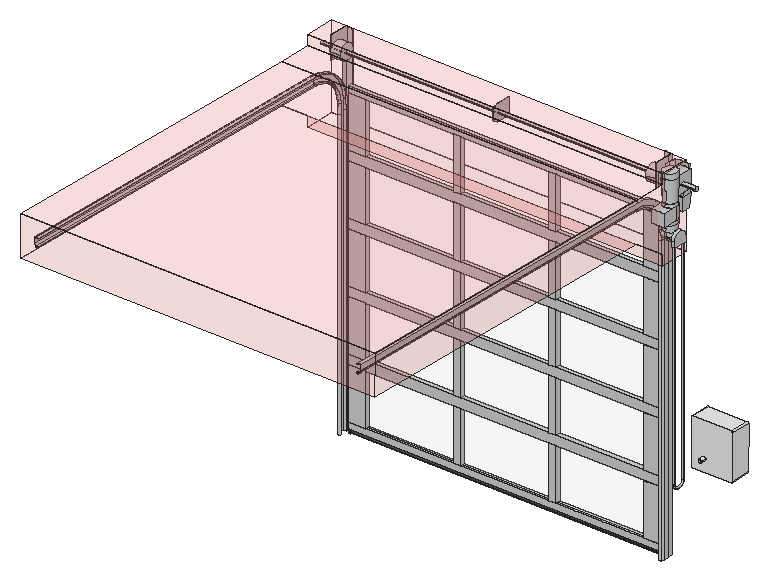
Revit family "EverServe-Aluminum-Glass-Door_OHD_Model-521s_compact", category Specialty Equipment, host Wall, Revit 2023
Family settings
  Host = Wall
  Round Connector Dimension = Use Diameter
  Part Type = Normal
  OmniClass Number = 23.30.10.21.34
  OmniClass Title = Industrial Doors
  Enable Cutting in Views = No
  Always vertical = Yes
  Cut with Voids When Loaded = No
  Maintain Annotation Orientation = No
  Shared = No
  Room Calculation Point = No
Parameters (values of type "208 volts, single phase, 60 Hz (190-207V range)")
  Version = "1.00.01"  # constant formula
  Standard Number of Windows [instance] = yes
  Standard Number of Sections [instance] = yes
  Rough Width [instance] = 10' - 0"
  Rough Height [instance] = 10' - 0"
  Pitch Angle [instance] = atan(Pitch)  # 1.19347°
  Pitch [instance] = 0.020833
  Opening Width [instance] = if(Overlapping Door, if(Rough Width < Min Door Width - 0' 2", Min Door Width - 0' 2", if(Rough Width > Max Door Width - 0' 2", Max Door Width - 0' 2", Rough Width)), if(Rough Width < Min Door Width, Min Door Width, if(Rough Width > Max Door Width, Max Door Width, Rough Width)))  # 10' - 0"
  Opening Height [instance] = if(Overlapping Door, if(Rough Height < Min Door Height - 0' 1", Min Door Height - 0' 1", if(Rough Height > Max Door Height - 0' 1", Max Door Height - 0' 1", Rough Height)), if(Rough Height < Min Door Height, Min Door Height, if(Rough Height > Max Door Height, Max Door Height, Rough Height)))  # 10' - 0"
  Min Headroom (High Lift Option) [instance] = 2' - 7"  # constant formula
  Max Headroom (High Lift Option) [instance] = 14' - 9"  # constant formula
  Lift Option [instance] = Lifts : Standard
  High Lift Headroom Desired [instance] = 3' - 0"
  High Lift Amount [instance] = if(Headroom Height - 1' 1" > Opening Height - 1' 3", if(Opening Height - 1' 3" < [Min Headroom (High Lift Option)] - 1' 1", [Min Headroom (High Lift Option)] - 1' 1", if(Opening Height - 1' 3" > [Max Headroom (High Lift Option)] - 1' 1", [Max Headroom (High Lift Option)] - 1' 1", Opening Height - 1' 3")), if(Headroom Height - 1' 1" < [Min Headroom (High Lift Option)] - 1' 1", [Min Headroom (High Lift Option)] - 1' 1", if(Headroom Height - 1' 1" > [Max Headroom (High Lift Option)] - 1' 1", [Max Headroom (High Lift Option)] - 1' 1", Headroom Height - 1' 1")))  # 1' - 6"
  Headroom Note (High Lift Option) [instance] = "Headroom Height can not exceed Opening Height - 2 inch"  # constant formula
  Glazing Note [instance] = "Select an integer 1-15 to set panel thickness and specify glass type. Remember to select corresponding 'Glass Material' from the 'Materials and Finishes' section to visually show glazing appearance."  # constant formula
  Glass Bottom Section [instance] = not(Aluminum Bottom Section)  # yes
  Voltage = 208 V
  Vertical [instance] = if(Lift Option = Lift Option Vertical, 1 < 2, 1 > 2)  # no
  URL = "https://www.overheaddoor.com/"
  Top Rail (Width) [instance] = if(Oversized Top Rail, 0' 3 3/4", 0' 2 3/8")  # 0' - 2 3/8"
  Thickness [instance] = 0' - 1 3/4"  # constant formula
  Standard [instance] = if(Lift Option = Lift Option Standard, 1 < 2, 1 > 2)  # yes
  Window Width [instance] = (Door Width - [End Stile (Width)] * 2 - [Center Stile (Width)] * Amount of Center Stiles) / Array of Panels Side To Side  # 2' - 10.39604"
  Section Height [instance] = (Door Height - [Top Rail (Width)] - [Bottom Rail (Width)] - 0' 3 23/32" * Intermidiate Stiles Up and Down) / Array of Panels Up and Down  # 1' - 8"
  Product data url = ""
  Product Guid = ""
  Power Factor = 1
  Pitch (Real) [instance] = if(Lift Option = Lift Option Vertical, 0.00°, if(Pitch Angle < Min Pitch, Min Pitch, if(Pitch Angle > Max Pitch, Max Pitch, Pitch Angle)))  # 1.19347°
  Oversized Top Rail [instance] = no
  Oversized Bottom Rail [instance] = no
  Overlapping Door [instance] = yes
  Number of Windows (Real) [instance] = if(Desired Number of Windows < Min Window Quantities, Min Window Quantities, if(Desired Number of Windows > Max Window Quantities, Max Window Quantities, Desired Number of Windows))  # 4
  Number of Sections (Real) [instance] = if(Desired Number of Sections < Min Number of Sections, Min Number of Sections, if(Desired Number of Sections > Max Number of Sections, Max Number of Sections, Desired Number of Sections))  # 5
  Number of Poles = 1
  Model = "521S"  # constant formula
  Min Window Quantities [instance] = roundup((((-2 * [End Stile (Width)]) + Door Width - 4' 0 1/8") / ([Center Stile (Width)] + 4' 0 1/8")) + 1)  # 3
  Min Pitch [instance] = 0.00°  # constant formula
  Min Number of Sections [instance] = if(Vertical, if(roundup(Door Height / 3' 2") < 2, 2, roundup(Door Height / 3' 2")), if(roundup(Door Height / 2' 4") < 2, 2, roundup(Door Height / 2' 4")))  # 5
  Min Door Width [instance] = 3' - 0"  # constant formula
  Min Door Height [instance] = 3' - 0"  # constant formula
  Max Window Quantities [instance] = rounddown((((-2 * [End Stile (Width)]) + Door Width - 1' 0 1/8") / ([Center Stile (Width)] + 1' 0 1/8")) + 1)  # 7
  Max Pitch [instance] = 45.00°  # constant formula
  Max Number of Sections [instance] = rounddown(((Door Height - 1' 3") / 1' 0") + 1)  # 9
  Max Door Width [instance] = 20' - 2"  # constant formula
  Max Door Height [instance] = 18' - 1"  # constant formula
  Manufacturer = "Overhead Door Corporation"  # constant formula
  Lift Option Vertical [instance] = Lifts : Vertical
  Lift Option Standard [instance] = Lifts : Standard
  Lift Option High [instance] = Lifts : High Lift
  Intermidiate Stiles Up and Down (Real) [instance] = if(Intermidiate Stiles Up and Down < 2, 2, Intermidiate Stiles Up and Down)  # 4
  Intermidiate Stiles Up and Down [instance] = Array of Panels Up and Down - 1  # 4
  High [instance] = if(Lift Option = Lift Option High, 1 < 2, 1 > 2)  # no
  Headroom Height [instance] = if(High, if(Opening Height - 0' 2" < High Lift Headroom Desired, if(Opening Height - 0' 2" < [Min Headroom (High Lift Option)], [Min Headroom (High Lift Option)], if(Opening Height - 0' 2" > [Max Headroom (High Lift Option)], [Max Headroom (High Lift Option)], Opening Height - 0' 2")), if(High Lift Headroom Desired < [Min Headroom (High Lift Option)], [Min Headroom (High Lift Option)], if(High Lift Headroom Desired > [Max Headroom (High Lift Option)], [Max Headroom (High Lift Option)], High Lift Headroom Desired))), if(Vertical, Opening Height + 1' 1", 1' 8 1/4"))  # 1' - 8 1/4"
  Glazing Type [instance] = if(Glazing Option < 1, "1/8 DSB", if(Glazing Option = 1, "1/8 DSB", if(Glazing Option = 2, "1/8 Acrylic", if(Glazing Option = 3, "1/4 Acrylic", if(Glazing Option = 4, "1/8 Tempered", if(Glazing Option = 5, "1/4 Tempered", if(Glazing Option = 6, "1/8 Clear Polycarbonate", if(Glazing Option = 7, "1/4 Clear Polycarbonate", if(Glazing Option = 8, "1/4 Twin-Wall Polycarbonate", if(Glazing Option = 9, "3/8 Twin-Wall Polycarbonate", if(Glazing Option = 10, "5/8 Triple-Wall Polycarbonate", if(Glazing Option = 11, "1/4 Twin-Wall, Triple-Wall Polycarbonate", if(Glazing Option = 12, "3/4 Twin-Wall, Triple-Wall Polycarbonate", if(Glazing Option = 13, "5/8 Twin-Wall, Triple-Wall Polycarbonate", if(Glazing Option = 14, "1/4 Wire Glass", if(Glazing Option = 15, "1/2 Insulated Glass", "1/2 Insulated Glass"))))))))))))))))  # "1/8 DSB"
  Glazing Option [instance] = 1
  Glass Thickness [instance] = if(Glazing Option < 1, 0' 0 1/8", if(Glazing Option = 1, 0' 0 1/8", if(Glazing Option = 2, 0' 0 1/8", if(Glazing Option = 3, 0' 0 1/4", if(Glazing Option = 4, 0' 0 1/8", if(Glazing Option = 5, 0' 0 1/4", if(Glazing Option = 6, 0' 0 1/8", if(Glazing Option = 7, 0' 0 1/4", if(Glazing Option = 8, 0' 0 1/4", if(Glazing Option = 9, 0' 0 3/8", if(Glazing Option = 10, 0' 0 5/8", if(Glazing Option = 11, 0' 0 1/4", if(Glazing Option = 12, 0' 0 3/4", if(Glazing Option = 13, 0' 0 5/8", if(Glazing Option = 14, 0' 0 1/4", if(Glazing Option = 15, 0' 0 1/2", 0' 0 1/2"))))))))))))))))  # 0' - 0 1/8"
  Glass Material [instance] = Glass - Overhead Door - DSB
  Frequency = 60 Hz  # constant formula
  Wall Closure = By host
  Floor To (CL) of Shaft [instance] = if(High, Opening Height + High Lift Amount + 0' 6 5/8", if(Standard, Opening Height + 1' 2 5/8", 2 * Opening Height + 0' 0 3/8"))  # 11' - 2 5/8"
  Finish Material [instance] = Metal - Overhead Door - Clear
  End Stile (Width) = 0' - 6.695"  # constant formula
  Door Width [instance] = if(if(Overlapping Door, Rough Width + 0' 2", Rough Width) < Min Door Width, Min Door Width, if(if(Overlapping Door, Rough Width + 0' 2", Rough Width) > Max Door Width, Max Door Width, if(Overlapping Door, Rough Width + 0' 2", Rough Width)))  # 10' - 2"
  Door Height [instance] = if(if(Overlapping Door, Rough Height + 0' 1", Rough Height) < Min Door Height, Min Door Height, if(if(Overlapping Door, Rough Height + 0' 1", Rough Height) > Max Door Height, Max Door Height, if(Overlapping Door, Rough Height + 0' 1", Rough Height)))  # 10' - 1"
  Desired Number of Windows [instance] = 4
  Desired Number of Sections [instance] = 4
  Description = "EverServe Aluminum Glass Door model 521s is a sectional aluminum door a​ppropriate for environments where maximum light infiltration and/or visual access is required. Designed to fit openings up to 20-2 (6147 mm) wide and 18-1 (5512 mm) high, the Model 521 features a wide, 2-11/16 (68 mm) center stile, 3-3/4 (95 mm) or 4-1/2 (114 mm) bottom rail, based on door size."  # constant formula
  Default Elevation = 0' - 0"
  Date Updated = "2026/05/29"  # constant formula
  Custom Number of Windows [instance] = not(Standard Number of Windows)  # no
  Custom Number of Sections [instance] = not(Standard Number of Sections)  # no
  Current = 20 A
  Clearance [instance] = yes
  Central Stiles [instance] = if(Amount of Center Stiles < 2, 1 > 2, 1 < 2)  # yes
  Center Stile (Width) = 0' - 2 91/128"  # constant formula
  Center Stile (One) [instance] = if(Amount of Center Stiles = 1, 2 > 1, 2 < 1)  # no
  Bottom Rail (Width) [instance] = if(Oversized Bottom Rail, 0' 4 1/2", 0' 3 3/4")  # 0' - 3 3/4"
  BimObject_Variable_Connectors = "No"  # constant formula
  Backroom Depth [instance] = if(Vertical, 1' 6", if(High, Opening Height - High Lift Amount + 2' 8", Opening Height + 2' 8"))  # 12' - 8"
  Aluminum Bottom Section [instance] = no
  Array of Panels Up and Down [instance] = if(Standard Number of Sections, if(Door Height < 4' 2 1/256", 2, if(Door Height < 6' 2 1/256", 3, if(Door Height < 8' 7 1/256", 4, if(Door Height < 10' 2 1/256", 5, if(Door Height < 12' 2 1/256", 6, if(Door Height < 14' 2 1/256", 7, if(Door Height < 16' 2 1/256", 8, if(Door Height < 18' 2 1/256", 9, 10)))))))), if(Door Height < 4' 2 1/256", [Number of Sections (Real)], if(Door Height < 6' 2 1/256", [Number of Sections (Real)], if(Door Height < 8' 7 1/256", [Number of Sections (Real)], if(Door Height < 10' 2 1/256", [Number of Sections (Real)], if(Door Height < 12' 2 1/256", [Number of Sections (Real)], if(Door Height < 14' 2 1/256", [Number of Sections (Real)], if(Door Height < 16' 2 1/256", [Number of Sections (Real)], if(Door Height < 18' 2 1/256", [Number of Sections (Real)], [Number of Sections (Real)])))))))))  # 5
  Array of Panels Side To Side [instance] = if(Standard Number of Windows, if(Door Width < 3' 4 1/256", 1, if(Door Width < 8' 2 1/256", 2, if(Door Width < 12' 2 1/256", 3, if(Door Width < 16' 2 1/256", 4, if(Door Width < 19' 2 1/256", 5, if(Door Width < 20' 2 1/256", 6, 6)))))), if(Door Width < 3' 4 1/256", [Number of Windows (Real)], if(Door Width < 8' 2 1/256", [Number of Windows (Real)], if(Door Width < 12' 2 1/256", [Number of Windows (Real)], if(Door Width < 16' 2 1/256", [Number of Windows (Real)], if(Door Width < 19' 2 1/256", [Number of Windows (Real)], if(Door Width < 20' 2 1/256", [Number of Windows (Real)], [Number of Windows (Real)])))))))  # 3
  Array Length [instance] = Door Height - [Top Rail (Width)] - [Bottom Rail (Width)]  # 9' - 6 7/8"
  Apparent Load = if(Number of Poles = 1, Voltage * Current, sqrt(3) * Voltage * Current)  # 4160 VA
  Amount of Center Stiles [instance] = Array of Panels Side To Side - 1  # 2
  Amount of Center Stiles (Real) [instance] = if(Amount of Center Stiles < 2, 2, Amount of Center Stiles)  # 2
  Actual Number of Windows [instance] = if(Array of Panels Side To Side < 2, 2, Array of Panels Side To Side)  # 3
  Actual Number of Sections [instance] = if(Array of Panels Up and Down < 2, 2, Array of Panels Up and Down)  # 5
Reference planes (in)
  plane 1 "Center (Front/Back)": y = 0
  plane 2 "Center (Left/Right)": x = 0
  plane 3 "Left": x = -61
  plane 4 "Right": x = 61
  plane 5 "Top": z = 121
  plane 6 "Exterior": y = 3
  plane 7 "Interior": y = -3
  plane 8: x = 60
  plane 9: x = -60
  plane 10: z = 120
  plane 11: z = 140.25
  plane 12 "Main": y = -4.44
  plane 13: y = -155
  plane 14: x = -54.305
  plane 15: x = 54.305
  plane 16: x = -19.90896
  plane 17: x = -17.19802
  plane 18: x = 17.19802
  plane 19 "Bottom Rail": z = 3.75
  plane 20: z = 118.625
  plane 21 "Main Door Block": y = -3.25
  plane 22: z = 23.75
  plane 23: z = 47.47
  plane 24: z = 27.47
Forms (in)
  Extrusion 1, solid, material "Metal - Overhead Door - Clear" <- "Finish Material"
    sketch origin (1, -3.25, 0.2) x (0, 0, -1) y (-1, 0, 0)
      loop
        line (-3.55, 62) -> (-23.55, 62) -> (-23.55, 55.305) -> (-3.55, 55.305) -> (-3.55, 62)
      loop
        line (-3.55, -60) -> (-3.55, -53.305) -> (-23.55, -53.305) -> (-23.55, -60) -> (-3.55, -60)
    from 0 to -1.75391
  Extrusion 2, solid, material "Metal - Overhead Door - Clear" <- "Finish Material"
    sketch origin (61, 0, 4.97917) x (0, -1, 0) y (0, 0, 1)
      loop
        line (3.25, 18.77083) -> (5.00391, 18.77083) -> (5.00391, 22.49083) -> (3.25, 22.49083) -> (3.25, 18.77083)
    from 0 to 122 <- "Door Width"
  Extrusion 3, solid, material "Metal - Overhead Door - Clear" <- "Finish Material"
    sketch origin (61, 0, 28.69917) x (0, -1, 0) y (0, 0, 1)
      loop
        line (3.25, 18.77083) -> (5.00391, 18.77083) -> (5.00391, 22.49083) -> (3.25, 22.49083) -> (3.25, 18.77083)
    from 0 to 122 <- "Door Width"
  Extrusion 4, solid, material "Metal - Overhead Door - Clear" <- "Finish Material"
    sketch origin (0, 0, 0) x (0, 1, 0) y (0, 0, 1)
      loop
        line (-5.00391, 3.75) -> (-5.00391, 1.23448) -> (-3.25, 1.23448) -> (-3.25, 3.75) -> (-5.00391, 3.75)
      loop
        line (-3.25, 118.625) -> (-3.25, 121) -> (-5.00391, 121) -> (-5.00391, 118.625) -> (-3.25, 118.625)
    from -61 to 61
  Extrusion 5, solid, material "Plastic - Overhead Door - Nylon"
    sketch origin (0, 0, 0) x (0, 1, 0) y (0, 0, 1)
      loop
        line (-4.82895, 1.23448) -> (-4.87848, 0.25173) -> (-4.62675, 0) -> (-3.62716, 0) -> (-3.37543, 0.25173) -> (-3.42495, 1.23448) -> (-4.82895, 1.23448)
    from -61 to 61
  Extrusion 6, solid, material "Plastic - Overhead Door - Nylon"
    sketch origin (0, -3.25, 0) x (0, 0, -1) y (-1, 0, 0)
      loop
        line (0, -61) -> (0, -60) -> (-1.23448, -60) -> (-1.23448, -61) -> (0, -61)
      loop
        line (0, 61) -> (-1.23448, 61) -> (-1.23448, 60) -> (0, 60) -> (0, 61)
    from 0 to -1.75391
  Extrusion 7, solid, material "Glass - Overhead Door - DSB" <- "Glass Material"
    sketch origin (0, 0, 0) x (0, 1, 0) y (0, 0, 1)
      loop
        line (-4.44, 23.75) -> (-4.315, 23.75) -> (-4.315, 118.625) -> (-4.44, 118.625) -> (-4.44, 23.75)
    from -60 to 60
  Extrusion 8, solid, material "Metal - Overhead Door - Clear" <- "Finish Material"
    sketch origin (1, -3.25, 23.92) x (0, 0, -1) y (-1, 0, 0)
      loop
        line (-3.55, 62) -> (-23.55, 62) -> (-23.55, 55.305) -> (-3.55, 55.305) -> (-3.55, 62)
      loop
        line (-3.55, -60) -> (-3.55, -53.305) -> (-23.55, -53.305) -> (-23.55, -60) -> (-3.55, -60)
    from 0 to -1.75391
  Extrusion 9, solid, material "Glass - Overhead Door - DSB" <- "Glass Material", visible <- "Glass Bottom Section"
    sketch origin (0, 0, 0) x (0, 1, 0) y (0, 0, 1)
      loop
        line (-4.44, 3.75) -> (-4.315, 3.75) -> (-4.315, 23.75) -> (-4.44, 23.75) -> (-4.44, 3.75)
    from -60 to 60
  Extrusion 10, solid, material "Metal - Overhead Door - Clear" <- "Finish Material", visible <- "Aluminum Bottom Section"
    sketch origin (0, 0, 0) x (0, 1, 0) y (0, 0, 1)
      loop
        line (-4.44, 3.75) -> (-4.315, 3.75) -> (-4.315, 23.75) -> (-4.44, 23.75) -> (-4.44, 3.75)
    from -60 to 60
  Extrusion 11, solid, material "Metal - Overhead Door - Clear" <- "Finish Material"
    sketch origin (61, 0, 52.41917) x (0, -1, 0) y (0, 0, 1)
      loop
        line (3.25, 18.77083) -> (5.00391, 18.77083) -> (5.00391, 22.49083) -> (3.25, 22.49083) -> (3.25, 18.77083)
    from 0 to 122 <- "Door Width"
  Extrusion 12, solid, material "Metal - Overhead Door - Clear" <- "Finish Material"
    sketch origin (61, 0, 76.13917) x (0, -1, 0) y (0, 0, 1)
      loop
        line (3.25, 18.77083) -> (5.00391, 18.77083) -> (5.00391, 22.49083) -> (3.25, 22.49083) -> (3.25, 18.77083)
    from 0 to 122 <- "Door Width"
  Extrusion 13, solid, material "Metal - Overhead Door - Clear" <- "Finish Material"
    sketch origin (1, -3.25, 47.64) x (0, 0, -1) y (-1, 0, 0)
      loop
        line (-3.55, 62) -> (-23.55, 62) -> (-23.55, 55.305) -> (-3.55, 55.305) -> (-3.55, 62)
      loop
        line (-3.55, -60) -> (-3.55, -53.305) -> (-23.55, -53.305) -> (-23.55, -60) -> (-3.55, -60)
    from 0 to -1.75391
  Extrusion 14, solid, material "Metal - Overhead Door - Clear" <- "Finish Material"
    sketch origin (1, -3.25, 71.36) x (0, 0, -1) y (-1, 0, 0)
      loop
        line (-3.55, 62) -> (-23.55, 62) -> (-23.55, 55.305) -> (-3.55, 55.305) -> (-3.55, 62)
      loop
        line (-3.55, -60) -> (-3.55, -53.305) -> (-23.55, -53.305) -> (-23.55, -60) -> (-3.55, -60)
    from 0 to -1.75391
  Extrusion 15, solid, material "Metal - Overhead Door - Clear" <- "Finish Material"
    sketch origin (1, -3.25, 95.08) x (0, 0, -1) y (-1, 0, 0)
      loop
        line (-3.55, 62) -> (-23.55, 62) -> (-23.55, 55.305) -> (-3.55, 55.305) -> (-3.55, 62)
      loop
        line (-3.55, -60) -> (-3.55, -53.305) -> (-23.55, -53.305) -> (-23.55, -60) -> (-3.55, -60)
    from 0 to -1.75391
Lines and regions (in)
  Opening 1
    outline origin (-90, -3, 0) x (1, 0, 0) y (0, 0, 1)
      loop
        line (30, 0) -> (150, 0) -> (150, 120) -> (30, 120) -> (30, 0)
  Masking region 1
    outline origin (0, 0, 121) x (0, -1, 0) y (1, 0, 0)
      loop
        line (3.25, -61) -> (5.00391, -61) -> (5.00391, 61) -> (3.25, 61) -> (3.25, -61)
Text (in)
  text "Exterior" at (-74.96733, 27.31104, 0), in view "Ref. Level"
  text "Interior" at (-74.96733, -25.14366, 0), in view "Ref. Level"
  text "Exterior" at (0, 40.15149, 123.01588), in view "Right"
  text "Interior" at (0, -64.39139, 123.01588), in view "Right"
  text "Interior" at (0, -31.01599, 123.00693), in view "Left"
  text "Exterior" at (0, 54.57065, 123.00693), in view "Left"
Dimensions and locks (in)
  equal spacing: plane 3 "Left", plane 2 "Center (Left/Right)", plane 4 "Right"
  "Door Height": level to plane 5 "Top"
  "Door Width": plane 3 "Left" to plane 4 "Right"
  host wall to plane 5 "Top" = 10' - 1"
  level to host wall = 38' - 3.59655"
  "Opening Height": level to plane 10
  equal spacing: plane 9, plane 2 "Center (Left/Right)", plane 8
  "Opening Width": plane 8 to plane 9
  "Headroom Height": plane 10 to plane 11
  "Backroom Depth": plane 7 "Interior" to plane 13
  "End Stile (Width)": plane 3 "Left" to plane 14
  "End Stile (Width)": plane 15 to plane 4 "Right"
  "Window Width": plane 14 to plane 16
  "Center Stile (Width)": plane 16 to plane 17
  "Window Width": plane 17 to plane 18
  "Bottom Rail (Width)": plane 19 "Bottom Rail" to level
  "Top Rail (Width)": plane 5 "Top" to plane 20
  locked: plane 24 to plane 22 at 3.72
  "Section Height": plane 22 to plane 19 "Bottom Rail"
  "Section Height": plane 23 to plane 24
  "Section Height": Extrusion 1 sketch curve to Extrusion 1 sketch curve  (x2)
  equal spacing: group 1, group 2, group 7, group 8  (x3)
  locked: Extrusion 4 sketch curve to Extrusion 4 sketch curve at 1.75391
  plane 10 to level = 10' - 0"
  locked: plane 7 "Interior" to plane 21 "Main Door Block" at 0.25
  locked: level to Extrusion 6 sketch curve at 1.23448  (x2)
  locked: Extrusion 5 to Extrusion 6 sketch curve at 1  (x2)
  group 3 to group 4 = 3' - 1.10698"
  group 3 to group 4 = 0' - 0"  (x2)
  locked: plane 21 "Main Door Block" to plane 12 "Main" at 1.19
  plane 1 "Center (Front/Back)" to plane 7 "Interior" = 0' - 3"
  "Glass Thickness": Extrusion 7 sketch curve to plane 12 "Main"
  "End Stile (Width)": Extrusion 1 sketch curve to Extrusion 1 sketch curve  (x2)
  "Door Width": Extrusion 1 sketch curve to Extrusion 1 sketch curve
  "Section Height": Extrusion 8 sketch curve to Extrusion 8 sketch curve  (x2)
  "End Stile (Width)": Extrusion 8 sketch curve to Extrusion 8 sketch curve  (x2)
  "Door Width": Extrusion 8 sketch curve to Extrusion 8 sketch curve
  equal spacing: group 5, group 6, group 9, group 10, group 11  (x3)
  "Glass Thickness": Extrusion 9 sketch curve to plane 12 "Main"
  "Glass Thickness": Extrusion 10 sketch curve to plane 12 "Main"
  "Section Height": Extrusion 13 sketch curve to Extrusion 13 sketch curve  (x2)
  "End Stile (Width)": Extrusion 13 sketch curve to Extrusion 13 sketch curve  (x2)
  "Door Width": Extrusion 13 sketch curve to Extrusion 13 sketch curve
  "Section Height": Extrusion 14 sketch curve to Extrusion 14 sketch curve  (x2)
  "End Stile (Width)": Extrusion 14 sketch curve to Extrusion 14 sketch curve  (x2)
  "Door Width": Extrusion 14 sketch curve to Extrusion 14 sketch curve
  "Section Height": Extrusion 15 sketch curve to Extrusion 15 sketch curve  (x2)
  "End Stile (Width)": Extrusion 15 sketch curve to Extrusion 15 sketch curve  (x2)
  "Door Width": Extrusion 15 sketch curve to Extrusion 15 sketch curve
  aligned and locked: Opening 1 sketch curve to level
  aligned and locked: plane 6 "Exterior" to host wall
  aligned and locked: host wall to plane 7 "Interior"
  aligned and locked: plane 9 to Opening 1 sketch curve
  aligned and locked: plane 8 to Opening 1 sketch curve
  aligned and locked: Opening 1 sketch curve to plane 10
  aligned and locked: plane 3 "Left" to Extrusion 1  (x4)
  aligned and locked: Extrusion 1 to plane 19 "Bottom Rail"  (x4)
  aligned and locked: Extrusion 2 to plane 22
  aligned and locked: Extrusion 3 to plane 23
  aligned and locked: Extrusion 2 to plane 4 "Right"
  aligned and locked: Extrusion 3 to plane 4 "Right"
  aligned and locked: Extrusion 4 sketch curve to plane 21 "Main Door Block"
  aligned and locked: Extrusion 4 sketch curve to plane 19 "Bottom Rail"
  aligned and locked: plane 3 "Left" to Extrusion 4
  aligned and locked: Extrusion 4 to plane 4 "Right"
  aligned and locked: Extrusion 5 to plane 4 "Right"
  aligned and locked: plane 3 "Left" to Extrusion 5
  aligned and locked: plane 3 "Left" to Extrusion 6 sketch curve
  aligned and locked: plane 20 to Extrusion 4 sketch curve
  aligned and locked: plane 5 "Top" to Extrusion 4 sketch curve
  aligned and locked: Extrusion 4 sketch curve to Extrusion 4 sketch curve  (x2)
  aligned and locked: nested 1 to plane 7 "Interior"
  aligned and locked: nested 1 to plane 2 "Center (Left/Right)"
  aligned and locked: plane 21 "Main Door Block" to Extrusion 1
  aligned and locked: plane 21 "Main Door Block" to Extrusion 2  (x5)
  aligned and locked: Extrusion 4 to plane 21 "Main Door Block"
  aligned and locked: plane 21 "Main Door Block" to Extrusion 3
  aligned and locked: Masking region 1 sketch curve to plane 21 "Main Door Block"
  aligned and locked: Masking region 1 sketch curve to Extrusion 4
  aligned and locked: Masking region 1 sketch curve to plane 3 "Left"
  aligned and locked: Masking region 1 sketch curve to plane 4 "Right"
  aligned and locked: Extrusion 5 sketch curve to level
  aligned and locked: Extrusion 4 sketch curve to Extrusion 5
  aligned and locked: level to Extrusion 6 sketch curve
  aligned and locked: plane 4 "Right" to Extrusion 6 sketch curve
  aligned and locked: nested 2 to plane 16
  aligned and locked: plane 19 "Bottom Rail" to nested 2
  aligned and locked: nested 3 to plane 16
  aligned and locked: nested 4 to plane 18
  aligned and locked: plane 19 "Bottom Rail" to nested 4
  aligned and locked: plane 19 "Bottom Rail" to nested 3
  aligned and locked: level to nested 1
  aligned and locked: plane 12 "Main" to Extrusion 7 sketch curve
  aligned and locked: Extrusion 7 to plane 9
  aligned and locked: plane 8 to Extrusion 7
  aligned and locked: plane 3 "Left" to Extrusion 8
  aligned and locked: Extrusion 8 to plane 24
  aligned and locked: Extrusion 7 to plane 22
  aligned and locked: plane 12 "Main" to Extrusion 9 sketch curve
  aligned and locked: plane 22 to Extrusion 9 sketch curve
  aligned and locked: plane 19 "Bottom Rail" to Extrusion 9 sketch curve
  aligned and locked: plane 8 to Extrusion 9
  aligned and locked: Extrusion 9 to plane 9
  aligned and locked: plane 12 "Main" to Extrusion 10 sketch curve
  aligned and locked: plane 22 to Extrusion 10 sketch curve
  aligned and locked: plane 19 "Bottom Rail" to Extrusion 10 sketch curve
  aligned and locked: plane 8 to Extrusion 10
  aligned and locked: Extrusion 10 to plane 9
  aligned and locked: plane 21 "Main Door Block" to Extrusion 8
Automatic sketch dimensions
  Extrusion 2 sketch curve to Extrusion 2 sketch curve = 0' - 1 193/256"
  Extrusion 2 sketch curve to Extrusion 2 sketch curve = 0' - 3.72"
  Extrusion 3 sketch curve to Extrusion 3 sketch curve = 0' - 1 193/256"
  Extrusion 3 sketch curve to Extrusion 3 sketch curve = 0' - 3.72"
  Extrusion 5 sketch curve to plane 12 "Main" = 0' - 0.43848"
  Extrusion 5 sketch curve to Extrusion 5 sketch curve = 0' - 0.04953"
  Extrusion 5 sketch curve to Extrusion 5 sketch curve = 0' - 0.25173"  (x4)
  Extrusion 5 sketch curve to Extrusion 5 sketch curve = 0' - 0.99959"
  plane 12 "Main" to Extrusion 5 sketch curve = 0' - 1.01505"
  Extrusion 5 sketch curve to Extrusion 5 sketch curve = 0' - 0.98275"
  Extrusion 6 sketch curve to level = 0' - 0"
  plane 19 "Bottom Rail" to Extrusion 7 sketch curve = 1' - 8"
  Extrusion 7 sketch curve to plane 20 = 0' - 0"
  Extrusion 1 sketch curve to Extrusion 1 sketch curve = 0' - 0"
  Extrusion 8 sketch curve to Extrusion 8 sketch curve = 0' - 0"
  Extrusion 11 sketch curve to Extrusion 11 sketch curve = 0' - 1 193/256"
  Extrusion 11 sketch curve to Extrusion 11 sketch curve = 0' - 3.72"
  Extrusion 12 sketch curve to Extrusion 12 sketch curve = 0' - 1 193/256"
  Extrusion 12 sketch curve to Extrusion 12 sketch curve = 0' - 3.72"
  Extrusion 13 sketch curve to Extrusion 13 sketch curve = 0' - 0"
  Extrusion 14 sketch curve to Extrusion 14 sketch curve = 0' - 0"
  Extrusion 15 sketch curve to Extrusion 15 sketch curve = 0' - 0"
Nested families (in)
  nested 1: "Lifts" at (0, -3, 0) x (-1, 0, 0) z (0, 0, 1), type <- "Lift Option", type "Standard"
  nested 2: "Center Line" at (-19.90896, -3.25391, 3.75) x (0, 0, 1) z (0, -1, 0), visible <- "Center Stile (One)", type "CL"
    with Panel Height 1' - 8", CL Width 0' - 2 91/128", Array Length 9' - 6 7/8"
  nested 3: "Center Line" at (-19.90896, -3.25391, 3.75) x (0, 0, 1) z (0, -1, 0), visible <- "Central Stiles", type "CL"
    with Panel Height 1' - 8", CL Width 0' - 2 91/128", Array Length 9' - 6 7/8"
  nested 4: "Center Line" at (17.19802, -3.25391, 3.75) x (0, 0, 1) z (0, -1, 0), visible <- "Central Stiles", type "CL"
    with Panel Height 1' - 8", CL Width 0' - 2 91/128", Array Length 9' - 6 7/8"
Connectors (in)
  electrical at (85.311, -10.54, 48), driven by "Number of Poles", driven by "Voltage", driven by "Apparent Load", driven by "Power Factor", driven by "Apparent Load", driven by "Apparent Load"
    settings: on nested 1, index 1, voltage 208 V, apparent load 0 VA, apparent load phase1 4160 VA, apparent load phase2 4160 VA, apparent load phase3 4160 VA, power factor 1, load classification "Other", number of poles 1, system type 31, power factor state 1, is connector primary yes, connector utility no, sub classification motor no, connector description "Connector for Electrical Power"
Definition of nested family "Lifts"
  Parameters (values of type "High Lift")
    Standard Track = Opening Height + 1' 3.34"  # 11' - 3.34"
    Shaft Material = none
    Not Vertical = not(Vertical)  # yes
    Lift Clearance (Real) = Lift Clearance + 0' 3"  # 1' - 9"
    Lift Clearance = 1' - 6"
    High Track Length = [Backroom Depth (High)] - (([Lift Clearance (Real)] + 0' 3") * tan(3.68°)) - ((Opening Height - 1' 0") * tan(0.31°)) - 1' 3" - 0' 1"  # 9' - 7.87206"
    Headroom (High) (Real) = 1' - 8 1/4"
    End of Fillet [instance] = 1' - 9.29337"
    Clearance Verical = and(Clearance, Vertical)  # no
    Clearance Standard Length = Standard Track * (-1) + Clearance Offset  # -10' - 3.34"
    Clearance Standard = and(Clearance, Standard)  # no
    Clearance Offset = if(Standard, 0' 8", 1' 0")  # 1' - 0"
    Clearance High Length = High Track Length * (-1)  # -9' - 7.87206"
    Clearance High = and(Clearance, High)  # yes
    Clearance = yes
    Chord Length = 0' 2" * 6 * sin(90.00° - Pitch) + 0' 0.42"  # 1' - 0.4174"
    Backroom Depth (High) = Opening Height - [Lift Clearance (Real)] + 0' 3" + 2' 8"  # 11' - 2"
    Vertical = no
    Standard = no
    Pitch = 1.19347°
    Opening Height = 10' - 0"
    High = yes
    Headroom Height = if(High, [Lift Clearance (Real)] - 0' 3" + 1' 1", if(Vertical, Opening Height + 1' 1", 1' 8 1/4"))  # 2' - 7"
    Floor To (CL) of Shaft = if(High, Opening Height + [Lift Clearance (Real)] - 0' 3" + 0' 6.63", if(Standard, Opening Height + 1' 2.63", 2 * Opening Height + 0' 0.38"))  # 12' - 0.63"
    Finish Material = none
    Door Width = 10' - 2"
    Door Height = 10' - 1"
    Backroom Depth = if(Vertical, 1' 6", if(High, Opening Height - [Lift Clearance (Real)] + 0' 3" + 2' 8", Opening Height + 2' 8"))  # 11' - 2"
    Angle = Pitch + 90.00°  # 91.1935°
    Radius for Tracks = 1' - 3"
    Analytic Construction = "<None>"
    Amount of Panels (Hight) = if(Door Height < 4' 2", 2, if(Door Height < 6' 2", 3, if(Door Height < 8' 7", 4, if(Door Height < 10' 2", 5, if(Door Height < 12' 2", 6, if(Door Height < 14' 2", 7, if(Door Height < 16' 2", 8, if(Door Height < 18' 2", 9, 10))))))))  # 5
  Types (3): name | Not Vertical | Clearance Verical | Clearance Standard Length | Clearance Standard | Clearance Offset | Clearance High | Vertical | Standard | High | Headroom Height | Floor To (CL) of Shaft | Backroom Depth
    High Lift | yes | no | -10' - 3.34" | no | 1' - 0" | yes | no | no | yes | 2' - 7" | 12' - 0.63" | 11' - 2"
    Vertical | no | yes | -10' - 3.34" | no | 1' - 0" | no | yes | no | no | 11' - 1" | 20' - 0.38" | 1' - 6"
    Standard | yes | no | -10' - 7.34" | yes | 0' - 8" | no | no | yes | no | 1' - 8 1/4" | 11' - 2.63" | 12' - 8"
  Reference planes (in)
    plane 1 "Center (Front/Back)": y = 0
    plane 2: z = 0
    plane 3 "Center (Left/Right)": x = 0
    plane 4 "Left": x = -61
    plane 5 "Right": x = 61
    plane 6 "Door Height": z = 121
    plane 7: y = 1.44
    plane 8 "1-st Track High": z = 108
    plane 9 "Center Line of Shaft": z = 144.63
    plane 10 "Headroom Top": z = 151
    plane 11 "Opening Height": z = 120
    plane 12: z = 141
    plane 13: y = 134
    plane 14: z = 140.25
    plane 15: y = 134
    plane 16: z = 154
    plane 17: x = -77
    plane 18: x = 69
    plane 19 "Shaft": x = -69.311
    plane 20: x = -60
    plane 21: x = 60
    plane 22: y = 4.72
    plane 23: x = -60
    plane 24: x = 60
    plane 25: y = 1.625
    plane 26: z = 150.65
    plane 27: y = 2.476
    plane 28: x = -60
    plane 29: x = 60
    plane 30: y = 1.81951
    plane 31 "Box": x = -85.311
    plane 32 "EBOX": z = 48
    plane 33: z = 151
    plane 34: y = 134
    plane 35: z = 112
    plane 36: x = -93.311
    plane 37: x = -77.311
    plane 38: z = 39
    plane 39: z = 57
    plane 40: z = 43.5
    plane 41: y = 14
    plane 42: y = 17.66963
    plane 43: z = 112
    plane 44: y = 11.73491
  Forms (in)
    Sweep 1, solid, material <- "Finish Material", visible <- "High"
      path origin (0, 0, 0) x (0, 1, 0) y (0, 0, 1)
        loop
          line (133.67613, 143.41344) -> (17.8292, 141)
          arc (17.8292, 141) -> (7.74781, 136.81845) -> (3.16913, 126.91111) r 15
          line (3.16913, 126.91111) -> (2.02246, 108) -> (1.44, 0)
      profile origin (0, 1.73123, 54) x (0, 0.999985, -0.005393) y (1, 0, 0)
        loop
          line (0, -62.001) -> (0, -63.531) -> (1.93, -63.531) -> (2.85718, -63.15639)
          arc (2.85718, -63.15639) -> (3.25891, -62.5608) -> (2.85718, -61.9652) r 0.64237
          line (2.85718, -61.9652) -> (2.81972, -62.05792)
          arc (2.81972, -62.05792) -> (3.15891, -62.5608) -> (2.81972, -63.06367) r 0.54237
          line (2.81972, -63.06367) -> (1.91056, -63.431) -> (0.1, -63.431) -> (0.1, -62.001) -> (0, -62.001)
        loop
          line (0, 62.001) -> (0.1, 62.001) -> (0.1, 63.431) -> (1.91056, 63.431) -> (2.81972, 63.06367)
          arc (2.81972, 63.06367) -> (3.15891, 62.5608) -> (2.81972, 62.05792) r 0.54237
          line (2.81972, 62.05792) -> (2.85718, 61.9652)
          arc (2.85718, 61.9652) -> (3.25891, 62.5608) -> (2.85718, 63.15639) r 0.64237
          line (2.85718, 63.15639) -> (1.93, 63.531) -> (0, 63.531) -> (0, 62.001)
    Extrusion 2, solid, material <- "Finish Material", visible <- "High"
      sketch origin (0, 0, 0) x (1, 0, 0) y (0, 1, 0)
        loop
          line (-63.611, 0) -> (-60.886, 0) -> (-60.886, 0.08) -> (-63.531, 0.08) -> (-63.531, 1.625) -> (-63.611, 1.625) -> (-63.611, 0)
        loop
          line (63.611, 0) -> (63.611, 1.625) -> (63.531, 1.625) -> (63.531, 0.08) -> (60.886, 0.08) -> (60.886, 0) -> (63.611, 0)
      from 0 to 151
    Extrusion 3, solid, material <- "Shaft Material"
      sketch origin (0, 0, 0) x (0, 1, 0) y (0, 0, 1)
        loop
          circle (4.72, 144.63) r 0.63
      from -77 to 69
    Extrusion 4, solid, material <- "Shaft Material"
      sketch origin (61, 0, 0) x (0, -1, 0) y (0, 0, 1)
        loop
          circle (-4.72, 144.63) r 3
      from 1.46 to -2.29
    Revolve 5, solid, material <- "Shaft Material"
      sketch origin (0, 0, 144.63) x (-1, 0, 0) y (0, -1, 0)
        loop
          line (-0.726, -4.72) -> (-1.326, -4.72) -> (-1.326, -6.352) -> (-0.726, -6.352) -> (-0.726, -4.72)
        loop
          line (-64.091, -4.72) -> (-64.691, -4.72) -> (-64.691, -6.352) -> (-64.091, -6.352) -> (-64.091, -4.72)
        loop
          line (64.091, -4.72) -> (64.091, -6.352) -> (64.691, -6.352) -> (64.691, -4.72) -> (64.091, -4.72)
        axis (-64.691, -4.72) -> (64.691, -4.72)
      angle from 0 to 360
    Extrusion 6, solid, material <- "Shaft Material"
      sketch origin (0, 0, 144.63) x (-1, 0, 0) y (0, -1, 0)
        loop
          line (-64.091, -6.845) -> (-63.531, -6.845) -> (-63.531, -2.595) -> (-64.091, -2.595) -> (-64.091, -6.845)
        loop
          line (-0.726, -6.845) -> (-0.166, -6.845) -> (-0.166, -2.595) -> (-0.726, -2.595) -> (-0.726, -6.845)
        loop
          line (64.091, -6.845) -> (64.091, -2.595) -> (63.531, -2.595) -> (63.531, -6.845) -> (64.091, -6.845)
      from -2.13 to 2.13
    Extrusion 7, solid, material <- "Shaft Material", visible <- "Not Vertical"
      sketch origin (0, 0, 144.63) x (-1, 0, 0) y (0, -1, 0)
        loop
          line (-63.29, -0.08) -> (-63.531, -0.08) -> (-63.531, -7.33) -> (-63.29, -7.33) -> (-63.29, -0.08)
        loop
          line (63.29, -0.08) -> (63.29, -7.33) -> (63.531, -7.33) -> (63.531, -0.08) -> (63.29, -0.08)
      from 5.62 to -3
    Extrusion 8, solid, material <- "Shaft Material"
      sketch origin (0, 0, 0) x (0, 1, 0) y (0, 0, 1)
        loop
          line (5.25, 147.755) -> (0, 147.755) -> (0, 141.505) -> (5.25, 141.505) -> (7.25, 142.6597) -> (7.25, 146.6003) -> (5.25, 147.755)
      from 0 to 0.166
    Extrusion 9, solid, material <- "Finish Material", visible <- "Vertical"
      sketch origin (0, -3.75, 0) x (1, 0, 0) y (0, 1, 0)
        loop
          line (-63.611, 3.75) -> (-60.886, 3.75) -> (-60.886, 3.83) -> (-63.531, 3.83) -> (-63.531, 5.375) -> (-63.611, 5.375) -> (-63.611, 3.75)
        loop
          line (63.611, 3.75) -> (63.611, 5.375) -> (63.531, 5.375) -> (63.531, 3.83) -> (60.886, 3.83) -> (60.886, 3.75) -> (63.611, 3.75)
      from 0 to 151
    Sweep 10, solid, material <- "Finish Material", visible <- "Vertical"
      path origin (0, 0, 0) x (0, 1, 0) y (0, 0, 1)
        loop
          line (1.625, 0) -> (1.625, 108) -> (14, 150.65)
      profile origin (0, 1.625, 54) x (0, -1, 0) y (1, 0, 0)
        loop
          line (-0.851, -62.001) -> (-0.951, -62.001) -> (-0.951, -63.431) -> (-2.76156, -63.431) -> (-3.67072, -63.06367)
          arc (-3.67072, -63.06367) -> (-4.00991, -62.5608) -> (-3.67072, -62.05792) r 0.54237
          line (-3.67072, -62.05792) -> (-3.70818, -61.9652)
          arc (-3.70818, -61.9652) -> (-4.10991, -62.5608) -> (-3.70818, -63.15639) r 0.64237
          line (-3.70818, -63.15639) -> (-2.781, -63.531) -> (-0.851, -63.531) -> (-0.851, -62.001)
        loop
          line (-0.851, 62.001) -> (-0.851, 63.531) -> (-2.781, 63.531) -> (-3.70818, 63.15639)
          arc (-3.70818, 63.15639) -> (-4.10991, 62.5608) -> (-3.70818, 61.9652) r 0.64237
          line (-3.70818, 61.9652) -> (-3.67072, 62.05792)
          arc (-3.67072, 62.05792) -> (-4.00991, 62.5608) -> (-3.67072, 63.06367) r 0.54237
          line (-3.67072, 63.06367) -> (-2.76156, 63.431) -> (-0.951, 63.431) -> (-0.951, 62.001) -> (-0.851, 62.001)
    Extrusion 11, solid, material <- "Finish Material", visible <- "Standard"
      sketch origin (0, -4.5, 0) x (1, 0, 0) y (0, 1, 0)
        loop
          line (-63.611, 4.5) -> (-60.886, 4.5) -> (-60.886, 4.58) -> (-63.531, 4.58) -> (-63.531, 6.125) -> (-63.611, 6.125) -> (-63.611, 4.5)
        loop
          line (63.611, 4.5) -> (63.611, 6.125) -> (63.531, 6.125) -> (63.531, 4.58) -> (60.886, 4.58) -> (60.886, 4.5) -> (63.611, 4.5)
      from 0 to 151
    Sweep 12, solid, material <- "Finish Material", visible <- "Standard"
      path origin (0, 0, 0) x (0, 1, 0) y (0, 0, 1)
        loop
          line (1.44, 0) -> (1.44, 112) -> (1.69057, 116.13241)
          arc (1.69057, 116.13241) -> (6.26925, 126.03975) -> (16.35064, 130.2213) r 15
          line (16.35064, 130.2213) -> (151.66128, 133.04023)
      profile origin (0, 1.56528, 114.06621) x (0, -0.998167, 0.060524) y (1, 0, 0)
        loop
          line (0, -62.001) -> (-0.1, -62.001) -> (-0.1, -63.431) -> (-1.91056, -63.431) -> (-2.81972, -63.06367)
          arc (-2.81972, -63.06367) -> (-3.15891, -62.5608) -> (-2.81972, -62.05792) r 0.54237
          line (-2.81972, -62.05792) -> (-2.85718, -61.9652)
          arc (-2.85718, -61.9652) -> (-3.25891, -62.5608) -> (-2.85718, -63.15639) r 0.64237
          line (-2.85718, -63.15639) -> (-1.93, -63.531) -> (0, -63.531) -> (0, -62.001)
        loop
          line (0, 62.001) -> (0, 63.531) -> (-1.93, 63.531) -> (-2.85718, 63.15639)
          arc (-2.85718, 63.15639) -> (-3.25891, 62.5608) -> (-2.85718, 61.9652) r 0.64237
          line (-2.85718, 61.9652) -> (-2.81972, 62.05792)
          arc (-2.81972, 62.05792) -> (-3.15891, 62.5608) -> (-2.81972, 63.06367) r 0.54237
          line (-2.81972, 63.06367) -> (-1.91056, 63.431) -> (-0.1, 63.431) -> (-0.1, 62.001) -> (0, 62.001)
    Extrusion 13, solid
      sketch origin (0, 0, 0) x (1, 0, 0) y (0, 0, 1)
        loop
          line (-77.811, 57) -> (-92.811, 57)
          arc (-92.811, 57) -> (-93.16455, 56.85355) -> (-93.311, 56.5) r 0.5
          line (-93.311, 56.5) -> (-93.311, 39.5)
          arc (-93.311, 39.5) -> (-93.16455, 39.14645) -> (-92.811, 39) r 0.5
          line (-92.811, 39) -> (-77.811, 39)
          arc (-77.811, 39) -> (-77.45745, 39.14645) -> (-77.311, 39.5) r 0.5
          line (-77.311, 39.5) -> (-77.311, 56.5)
          arc (-77.311, 56.5) -> (-77.45745, 56.85355) -> (-77.811, 57) r 0.5
      from -7.54 to 0
    Revolve 14, solid
      sketch origin (-55.03203, -180, 43.5) x (-1, 0, 0) y (0, -1, 0)
        loop
          line (26.91897, -187.54) -> (26.16897, -187.54) -> (26.31897, -189.312) -> (26.91897, -189.312) -> (26.91897, -187.54)
        axis (26.91897, -187.54) -> (26.91897, -189.312)
      angle from 0 to 360
    Extrusion 15, solid, material <- "Shaft Material", visible <- "Vertical"
      sketch origin (0, -8, 144.63) x (-1, 0, 0) y (0, -1, 0)
        loop
          line (-63.29, -8.08) -> (-63.531, -8.08) -> (-63.531, -16.33) -> (-63.29, -16.33) -> (-63.29, -8.08)
        loop
          line (63.29, -8.08) -> (63.29, -16.33) -> (63.531, -16.33) -> (63.531, -8.08) -> (63.29, -8.08)
      from -3.88 to 9.63
    Extrusion 16, solid, visible <- "Clearance Verical"
      sketch origin (0, 0, 0) x (0, 1, 0) y (0, 0, 1)
        loop
          line (0, 117.20838) -> (134, 120) -> (134, 153.79162) -> (0, 151) -> (0, 117.20838)
      from -69.311 to 69
    Extrusion 17, solid, visible <- "Clearance Standard"
      sketch origin (0, 0, 0) x (0, 1, 0) y (0, 0, 1)
        loop
          line (0, 108) -> (11.73491, 108) -> (11.73491, 146.14024) -> (11.73491, 151) -> (0, 151) -> (0, 108)
      from -69.311 to 69
    Extrusion 18, solid, visible <- "Clearance Standard"
      sketch origin (0, 151.66128, 133.04023) x (1, 0, 0) y (0, 0.020828, -0.999783)
        loop
          line (69, -6) -> (69, 9.25891) -> (-69.311, 9.25891) -> (-69.311, -6) -> (69, -6)
      from 0 to -123.34 <- "Clearance Standard Length"
    Extrusion 19, solid, visible <- "Clearance Standard"
      sketch origin (0, 0, 0) x (0, 1, 0) y (0, 0, 1)
        loop
          line (0, 136.46994) -> (0, 112) -> (11.73491, 112) -> (28.54089, 121.21434) -> (28.22307, 136.46994) -> (0, 136.46994)
      from -69.311 to 69
    Extrusion 20, solid, visible <- "Clearance Verical"
      sketch origin (0, 0, 0) x (0, 1, 0) y (0, 0, 1)
        loop
          line (134, 120) -> (0, 120) -> (0, 108) -> (134, 108) -> (134, 120)
      from -69.311 to 69
    Extrusion 21, solid, visible <- "Clearance High"
      sketch origin (0, 133.67613, 143.41344) x (0, -0.020828, 0.999783) y (1, 0, 0)
        loop
          line (6, -69.311) -> (6, 69) -> (-9.25891, 69) -> (-9.25891, -69.311) -> (6, -69.311)
      from 0 to -115.87206 <- "Clearance High Length"
    Extrusion 22, solid, visible <- "Clearance High"
      sketch origin (-0.1555, 18.02205, 131.7431) x (0, -0.020828, 0.999783) y (0, 0.999783, 0.020828)
        loop
          line (0, 0) -> (-4.88954, -5.25347) -> (-23.60699, -6.78031) -> (-23.36257, -18.51268) -> (15.25891, -17.70808) -> (15.25891, 0) -> (0, 0)
      from -69.1555 to 69.1555
    Extrusion 23, solid, visible <- "Clearance High"
      sketch origin (0, 0, 0) x (0, 1, 0) y (0, 0, 1)
        loop
          line (11.73491, 151) -> (0, 151) -> (0, 108) -> (11.73491, 108) -> (11.73491, 151)
      from -69.311 to 69
  Cuts and joins
    joined: Revolve 5, Extrusion 6
    joined: Extrusion 17, Extrusion 18, Extrusion 19
    joined: Extrusion 16, Extrusion 20
    joined: Extrusion 21, Extrusion 22, Extrusion 23
  Lines and regions (in)
    Masking region 1
      outline origin (0, 0, 48) x (1, 0, 0) y (0, 1, 0)
        loop
          line (-77.311, 7.54) -> (-93.311, 7.54) -> (-93.311, 0) -> (-77.311, 0) -> (-77.311, 7.54)
        loop
          line (-77, 4.09) -> (69, 4.09) -> (69, 5.35) -> (-77, 5.35) -> (-77, 4.09)
        loop
          line (-63.611, 1.625) -> (-63.611, 0) -> (-60.886, 0) -> (-60.886, 0.08) -> (-63.531, 0.08) -> (-63.531, 1.625) -> (-63.611, 1.625)
        loop
          line (60.886, 0) -> (63.611, 0) -> (63.611, 1.625) -> (63.531, 1.625) -> (63.531, 0.08) -> (60.886, 0.08) -> (60.886, 0)
    Masking region 2
      outline origin (0, 0, 48) x (1, 0, 0) y (0, 1, 0)
        loop
          line (1.326, 6.352) -> (0.726, 6.352) -> (0.726, 6.845) -> (0.166, 6.845) -> (0.166, 7.25) -> (0, 7.25) -> (0, 0) -> (0.166, 0) -> (0.166, 2.595) -> (0.726, 2.595) -> (0.726, 3.088) -> (1.326, 3.088) -> (1.326, 6.352)
        loop
          line (64.691, 6.352) -> (64.091, 6.352) -> (64.091, 6.845) -> (63.531, 6.845) -> (63.531, 2.595) -> (64.091, 2.595) -> (64.091, 3.088) -> (64.691, 3.088) -> (64.691, 6.352)
        loop
          line (-64.691, 6.352) -> (-64.691, 3.088) -> (-64.091, 3.088) -> (-64.091, 2.595) -> (-63.83119, 2.595) -> (-63.83119, 3.49706) -> (-63.58119, 3.49706) -> (-63.58119, 2.595) -> (-63.531, 2.595) -> (-63.531, 6.845) -> (-64.091, 6.845) -> (-64.091, 6.352) -> (-64.691, 6.352)
        loop
          line (-81.351, 9.312) -> (-82.551, 9.312) -> (-82.701, 7.54) -> (-81.201, 7.54) -> (-81.351, 9.312)
    Masking region 3
      outline origin (0, 0, 48) x (1, 0, 0) y (0, 1, 0)
        loop
          line (-63.531, 8.33) -> (-63.531, 0.08) -> (-63.29, 0.08) -> (-63.29, 1.72) -> (-59.54, 1.72) -> (-59.54, 7.72) -> (-63.29, 7.72) -> (-63.29, 8.33) -> (-63.531, 8.33)
        loop
          line (63.531, 8.33) -> (63.29, 8.33) -> (63.29, 7.72) -> (59.54, 7.72) -> (59.54, 1.72) -> (63.29, 1.72) -> (63.29, 0.08) -> (63.531, 0.08) -> (63.531, 8.33)
    Masking region 4, visible <- "Vertical"
      outline origin (0, 0, 48) x (1, 0, 0) y (0, 1, 0)
        loop
          spline (-61.9652, 17.66963) -> (-62.02411, 17.78081) -> (-62.10394, 17.87837) -> (-62.20159, 17.95851) -> (-62.31325, 18.01809) -> (-62.43456, 18.05479) -> (-62.5608, 18.06718) -> (-62.68703, 18.05479) -> (-62.80834, 18.01809) -> (-62.92, 17.95851) -> (-63.01765, 17.87837) -> (-63.09749, 17.78081) -> (-63.15639, 17.66963)
          line (-63.15639, 17.66963) -> (-63.531, 16.75209) -> (-63.531, 8.33) -> (-63.29, 8.33) -> (-63.29, 7.72) -> (-61.9652, 7.72) -> (-61.9652, 17.66963)
        loop
          line (61.9652, 17.66963) -> (61.9652, 7.72) -> (63.29, 7.72) -> (63.29, 8.33) -> (63.531, 8.33) -> (63.531, 16.75209) -> (63.15639, 17.66963)
          spline (63.15639, 17.66963) -> (63.09749, 17.78081) -> (63.01765, 17.87837) -> (62.92, 17.95851) -> (62.80834, 18.01809) -> (62.68703, 18.05479) -> (62.5608, 18.06718) -> (62.43456, 18.05479) -> (62.31325, 18.01809) -> (62.20159, 17.95851) -> (62.10394, 17.87837) -> (62.02411, 17.78081) -> (61.9652, 17.66963)
    Masking region 5, visible <- "Standard"
      outline origin (0, 0, 48) x (1, 0, 0) y (0, 1, 0)
        loop
          line (61.9652, 7.72) -> (63.29, 7.72) -> (63.29, 8.33) -> (63.531, 8.33) -> (63.531, 151.72079) -> (61.9652, 151.72079) -> (61.9652, 7.72)
        loop
          line (-61.9652, 7.72) -> (-61.9652, 151.72079) -> (-63.531, 151.72079) -> (-63.531, 8.33) -> (-63.29, 8.33) -> (-63.29, 7.72) -> (-61.9652, 7.72)
        loop
          line (62.001, 1.44) -> (63.29, 1.44) -> (63.29, 1.71997) -> (62.001, 1.71997) -> (62.001, 1.44)
        loop
          line (-62.001, 1.44) -> (-62.001, 1.71997) -> (-63.29, 1.71997) -> (-63.29, 1.44) -> (-62.001, 1.44)
    Masking region 6, visible <- "High"
      outline origin (0, 0, 48) x (1, 0, 0) y (0, 1, 0)
        loop
          line (63.531, 8.33) -> (63.531, 133.73564) -> (61.9652, 133.73564) -> (61.9652, 7.72) -> (63.29, 7.72) -> (63.29, 8.33) -> (63.531, 8.33)
        loop
          line (-61.9652, 7.72) -> (-61.9652, 133.73564) -> (-63.531, 133.73564) -> (-63.531, 8.33) -> (-63.29, 8.33) -> (-63.29, 7.72) -> (-61.9652, 7.72)
        loop
          line (62.001, 1.44) -> (63.29, 1.44) -> (63.29, 1.7204) -> (62.001, 1.7204) -> (62.001, 1.44)
        loop
          line (-62.001, 1.44) -> (-62.001, 1.7204) -> (-63.29, 1.7204) -> (-63.29, 1.44) -> (-62.001, 1.44)
    Masking region 7, visible <- "Vertical"
      outline origin (0, 0, 48) x (1, 0, 0) y (0, 1, 0)
        loop
          line (62.05792, 133.59779) -> (62.05792, 14.91333) -> (63.431, 14.91333) -> (63.431, 132.70669) -> (63.06367, 133.59779)
          spline (63.06367, 133.59779) -> (63.01394, 133.69076) -> (62.94653, 133.77235) -> (62.86408, 133.83936) -> (62.76981, 133.88918) -> (62.66738, 133.91987) -> (62.5608, 133.93024) -> (62.45421, 133.91987) -> (62.35178, 133.88918) -> (62.25751, 133.83936) -> (62.17506, 133.77235) -> (62.10765, 133.69076) -> (62.05792, 133.59779)
        loop
          line (-63.431, 132.70669) -> (-63.431, 14.91333) -> (-62.05792, 14.91333) -> (-62.05792, 133.59779)
          spline (-62.05792, 133.59779) -> (-62.10765, 133.69076) -> (-62.17506, 133.77235) -> (-62.25751, 133.83936) -> (-62.35178, 133.88918) -> (-62.45421, 133.91987) -> (-62.5608, 133.93024) -> (-62.66738, 133.91987) -> (-62.76981, 133.88918) -> (-62.86408, 133.83936) -> (-62.94653, 133.77235) -> (-63.01394, 133.69076) -> (-63.06367, 133.59779)
          line (-63.06367, 133.59779) -> (-63.431, 132.70669)
    symbolic lines
      curve 1: line (0.166, 0, 48) -> (0.166, 7.25, 48)
      curve 2: line (0.726, 2.595, 48) -> (0.726, 6.352, 48)
      curve 3: line (64.091, 2.595, 48) -> (64.091, 6.845, 48)
      curve 4: line (-64.091, 6.845, 48) -> (-64.091, 2.595, 48)
      curve 5: line (-63.29, 0.08, 48) -> (-63.29, 8.33, 48)
      curve 6: line (63.29, 0.08, 48) -> (63.29, 8.33, 48)
    reference lines
      curve 7: line (-0.1555, 18.02205, 131.7431) -> (-0.1555, 17.70423, 146.9987)
  Dimensions and locks (in)
    equal spacing: plane 4 "Left", plane 3 "Center (Left/Right)", plane 5 "Right"
    "Door Width": plane 4 "Left" to plane 5 "Right"
    "Door Height": plane 6 "Door Height" to level
    "Floor To (CL) of Shaft": plane 9 "Center Line of Shaft" to level
    "Headroom Height": plane 10 "Headroom Top" to plane 11 "Opening Height"
    "Opening Height": plane 11 "Opening Height" to level
    locked: plane 11 "Opening Height" to plane 8 "1-st Track High" at 12
    "Lift Clearance (Real)": plane 12 to plane 11 "Opening Height"
    locked: plane 1 "Center (Front/Back)" to plane 7 at 1.44
    "Backroom Depth": plane 1 "Center (Front/Back)" to plane 13
    "Headroom (High) (Real)": plane 14 to plane 11 "Opening Height"
    "Backroom Depth (High)": plane 15 to plane 1 "Center (Front/Back)"
    locked: Extrusion 2 sketch curve to Extrusion 2 sketch curve at 2.725  (x2)
    locked: Extrusion 2 sketch curve to Extrusion 2 sketch curve at 0.08  (x4)
    locked: Extrusion 3 sketch curve to plane 1 "Center (Front/Back)" at 4.72
    locked: plane 17 to plane 4 "Left" at 16
    locked: plane 5 "Right" to plane 18 at 8
    locked: plane 4 "Left" to plane 20 at 1
    locked: Extrusion 2 sketch curve to plane 20 at 0.886
    locked: Extrusion 2 sketch curve to plane 21 at 0.886
    locked: plane 21 to plane 5 "Right" at 1
    locked: Sweep 1 sketch curve to plane 4 "Left" at 1.001
    locked: Sweep 1 sketch curve to plane 4 "Left" at 2.531
    locked: plane 5 "Right" to Sweep 1 sketch curve at 1.001
    locked: plane 5 "Right" to Sweep 1 sketch curve at 2.531
    locked: plane 1 "Center (Front/Back)" to Revolve 5 sketch curve at 4.72
    locked: plane 3 "Center (Left/Right)" to Revolve 5 sketch curve at 0.726
    locked: Revolve 5 sketch curve to Revolve 5 sketch curve at 1.632
    locked: Revolve 5 sketch curve to Revolve 5 sketch curve at 0.6  (x3)
    locked: Revolve 5 sketch curve to plane 4 "Left" at 3.091
    locked: plane 5 "Right" to Revolve 5 sketch curve at 3.091
    locked: plane 1 "Center (Front/Back)" to plane 22 at 4.72
    locked: plane 22 to Extrusion 6 sketch curve at 2.125
    locked: Extrusion 6 sketch curve to plane 22 at 2.125
    locked: plane 3 "Center (Left/Right)" to Extrusion 6 sketch curve at 0.166
    locked: plane 3 "Center (Left/Right)" to Extrusion 6 sketch curve at 0.726
    locked: plane 5 "Right" to Extrusion 6 sketch curve at 2.531
    locked: Extrusion 6 sketch curve to Extrusion 6 sketch curve at 0.56  (x2)
    locked: Extrusion 6 sketch curve to plane 4 "Left" at 2.531
    locked: plane 1 "Center (Front/Back)" to Extrusion 7 sketch curve at 0.08  (x2)
    locked: plane 1 "Center (Front/Back)" to Extrusion 7 sketch curve at 7.33  (x2)
    locked: Extrusion 7 sketch curve to Extrusion 7 sketch curve at 0.241  (x2)
    locked: plane 5 "Right" to Extrusion 7 sketch curve at 2.29
    locked: Extrusion 7 sketch curve to plane 4 "Left" at 2.29
    Extrusion 8 sketch curve to plane 9 "Center Line of Shaft" = 0' - 3 1/8"
    locked: Extrusion 8 sketch curve to plane 1 "Center (Front/Back)" at 5.25  (x2)
    locked: Extrusion 8 sketch curve to plane 1 "Center (Front/Back)" at 7.25
    locked: Extrusion 9 sketch curve to Extrusion 9 sketch curve at 2.725  (x2)
    locked: Extrusion 9 sketch curve to Extrusion 9 sketch curve at 0.08  (x4)
    locked: Extrusion 9 sketch curve to plane 23 at 0.886
    locked: Extrusion 9 sketch curve to plane 24 at 0.886
    locked: plane 4 "Left" to plane 23 at 1
    locked: plane 24 to plane 5 "Right" at 1
    locked: plane 25 to plane 1 "Center (Front/Back)" at 1.625
    locked: plane 10 "Headroom Top" to plane 26 at 0.35
    locked: plane 27 to plane 1 "Center (Front/Back)" at 2.476
    locked: Sweep 10 sketch curve to plane 4 "Left" at 1.001
    locked: Sweep 10 sketch curve to plane 4 "Left" at 2.531
    locked: plane 5 "Right" to Sweep 10 sketch curve at 1.001
    locked: plane 5 "Right" to Sweep 10 sketch curve at 2.531
    locked: plane 19 "Shaft" to plane 4 "Left" at 8.311
    locked: plane 12 to plane 16 at 13
    locked: Extrusion 11 sketch curve to Extrusion 11 sketch curve at 2.725  (x2)
    locked: Extrusion 11 sketch curve to Extrusion 11 sketch curve at 0.08  (x4)
    locked: Extrusion 11 sketch curve to plane 28 at 0.886
    locked: Extrusion 11 sketch curve to plane 29 at 0.886
    locked: plane 29 to plane 5 "Right" at 1
    locked: plane 4 "Left" to plane 28 at 1
    plane 31 "Box" to plane 19 "Shaft" = 1' - 4"
    locked: level to plane 32 "EBOX" at 48
    locked: plane 31 "Box" to Revolve 14 sketch curve at 3.36
    locked: nested 1 to Revolve 14 sketch curve at 7.54
    locked: plane 1 "Center (Front/Back)" to Revolve 14 sketch curve at 9.312
    "Backroom Depth": plane 34 to plane 1 "Center (Front/Back)"
    "Headroom Height": plane 33 to plane 11 "Opening Height"
    "High Track Length": Sweep 1 sketch curve to Sweep 1 sketch curve
    locked: Sweep 12 sketch curve to Sweep 12 sketch curve at 4.14
    "Standard Track": Sweep 12 sketch curve to Sweep 12 sketch curve
    plane 11 "Opening Height" to plane 35 = 0' - 8"
    locked: plane 5 "Right" to Sweep 12 sketch curve at 1.001
    locked: plane 5 "Right" to Sweep 12 sketch curve at 2.531
    locked: Sweep 12 sketch curve to plane 4 "Left" at 1.001
    locked: Sweep 12 sketch curve to plane 4 "Left" at 2.531
    equal spacing: Masking region 1 sketch curve, plane 31 "Box", Masking region 1 sketch curve
    equal spacing: plane 36, plane 31 "Box", plane 37
    locked: plane 36 to plane 37 at 16
    equal spacing: plane 39, plane 32 "EBOX", plane 38
    locked: plane 39 to plane 38 at 18
    locked: Masking region 1 sketch curve to Masking region 1 sketch curve at 16
    locked: plane 32 "EBOX" to plane 40 at 4.5
    locked: Masking region 1 sketch curve to Masking region 1 sketch curve at 1.26
    locked: plane 1 "Center (Front/Back)" to Masking region 1 sketch curve at 4.09
    locked: Masking region 2 sketch curve to plane 4 "Left" at 2.58119
    locked: Masking region 2 sketch curve to plane 4 "Left" at 2.83119
    plane 41 to plane 1 "Center (Front/Back)" = 1' - 2"
    locked: plane 1 "Center (Front/Back)" to Extrusion 15 sketch curve at 0.08  (x2)
    locked: plane 1 "Center (Front/Back)" to Extrusion 15 sketch curve at 8.33  (x2)
    locked: Extrusion 15 sketch curve to Extrusion 15 sketch curve at 0.241  (x2)
    locked: plane 5 "Right" to Extrusion 15 sketch curve at 2.29
    locked: Extrusion 15 sketch curve to plane 4 "Left" at 2.29
    locked: plane 4 "Left" to Masking region 3 sketch curve at 1.46
    locked: Masking region 3 sketch curve to plane 5 "Right" at 1.46
    locked: plane 7 to Masking region 5 sketch curve at 0.27997  (x2)
    locked: plane 5 "Right" to Masking region 5 sketch curve at 1.001
    locked: Masking region 5 sketch curve to plane 4 "Left" at 1.001
    locked: plane 5 "Right" to Masking region 6 sketch curve at 1.001
    locked: plane 7 to Masking region 6 sketch curve at 0.2804  (x2)
    locked: Masking region 6 sketch curve to plane 4 "Left" at 1.001
    locked: Extrusion 17 sketch curve to plane 1 "Center (Front/Back)" at 11.73491
    locked: Extrusion 18 sketch curve to Sweep 12 at 6
    locked: Extrusion 18 sketch curve to Extrusion 18 sketch curve at 15.25891
    plane 11 "Opening Height" to plane 43 = 0' - 8"
    locked: Extrusion 21 sketch curve to Sweep 1 at 6
    locked: Extrusion 21 sketch curve to Extrusion 21 sketch curve at 15.25891
    locked: plane 44 to plane 1 "Center (Front/Back)" at 11.73491
    locked: plane 12 to Extrusion 22 sketch curve at 14.2548
    locked: Extrusion 23 sketch curve to plane 1 "Center (Front/Back)" at 11.73491
    "Radius for Tracks": radius of Sweep 1 sketch curve
    locked: Extrusion 3 sketch curve to Extrusion 3 sketch curve (radius 0' - 0.63")
    locked: Extrusion 4 sketch curve to Extrusion 4 sketch curve (radius 0' - 3")
    "Radius for Tracks": radius of Sweep 12 sketch curve
    locked: plane 7 to Sweep 1 sketch curve (angle 0.309°)
    locked: Extrusion 8 sketch curve to Extrusion 8 sketch curve (angle 150.00°)  (x2)
    "Angle": angle Sweep 1 sketch curve to plane 1 "Center (Front/Back)"
    locked: plane 1 "Center (Front/Back)" to Sweep 1 sketch curve (angle 3.46988°)
    locked: plane 1 "Center (Front/Back)" to Sweep 12 sketch curve (angle 3.46988°)
    "Angle": angle Sweep 12 sketch curve to plane 1 "Center (Front/Back)"
    "Pitch": angle Extrusion 16 sketch curve to plane 10 "Headroom Top"
    "Pitch": angle Extrusion 16 sketch curve to plane 11 "Opening Height"
    locked: plane 44 to Extrusion 22 sketch curve (angle 3.47°)
    aligned and locked: plane 2 to level
    aligned and locked: level to Sweep 1 sketch curve
    aligned and locked: plane 8 "1-st Track High" to Sweep 1 sketch curve
    aligned and locked: plane 9 "Center Line of Shaft" to Extrusion 3 sketch curve
    aligned and locked: plane 17 to Extrusion 3
    aligned and locked: plane 18 to Extrusion 3
    aligned and locked: plane 7 to Sweep 1 sketch curve
